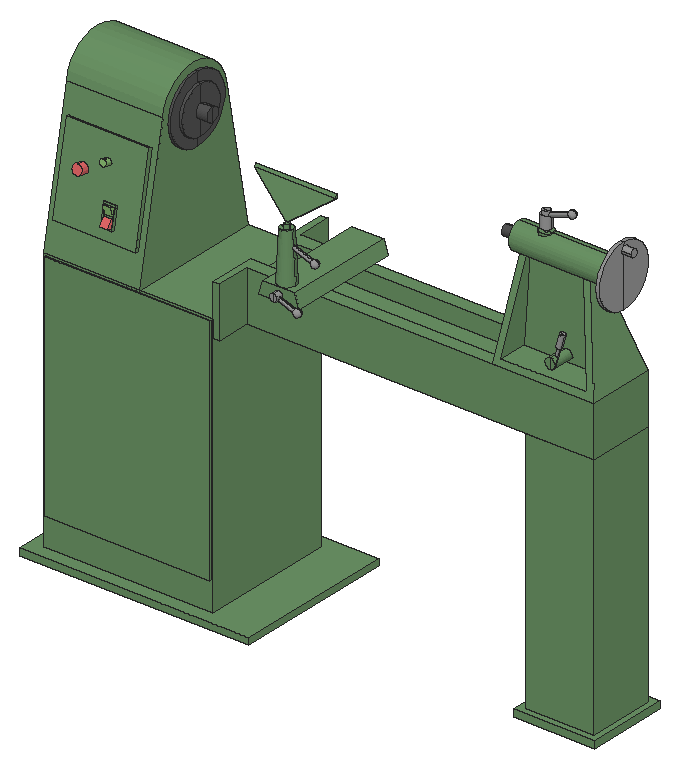
Revit family "Construction_Other_Sjobergs_Wood_Lathe_Machine", category Specialty Equipment, Revit 2017
Family settings
  Round Connector Dimension = Use Diameter
  Part Type = Normal
  OmniClass Number = 23.45.30.14.11
  OmniClass Title = Commercial Dishwashers
  Work Plane-Based = No
  Always vertical = Yes
  Cut with Voids When Loaded = No
  Shared = No
  Room Calculation Point = No
Parameters (values of type "37010 EJCA Wood Lathe TSL 30")
  Weight = "350.0 kg"
  WarrantyStartDate [instance] = "n/a"
  WarrantyGuarantorParts = "n/a"
  WarrantyGuarantorLabor = "n/a"
  WarrantyDurationUnit = "Year"
  WarrantyDurationParts = "n/a"
  WarrantyDurationLabor = "n/a"
  WarrantyDescription = "n/a"
  VersionDate = "01/07/2020"  # constant formula
  Version = "1"  # constant formula
  UsageCurrent = 0 A
  Uniclass2015Reference = "Pr_40_50_21_76"
  Uniclass2015Description = "Desks, Tables And Worktops"
  Uniclass2 = "Pr_40_50_21"
  URL = "https://www.sjobergs.se/sortiment/maskiner/index.php?id=1321&cat=47&lang=se&artnr=37040"
  Type Comments = ""
  TagNumber [instance] = "n/a"
  SustainabilityPerformance = "n/a"
  Style = "n/a"
  Size = "1630x480x1320 mm"
  ShowClearance [instance] = yes
  Shape = "Sculptured"
  SerialNumber [instance] = "n/a"
  Revision = "n/a"
  ReplacementCost = "n/a"
  ProductInformation = "Wood lathe with stepless electronic speed control. A modern machine where technology and know-how have been combined into the market's most distinguished machine in its class."
  ProductDatasheet = "https://www.sjobergs.se/dbhires/Produktblad_EJCA_cirkelsag.pdf"
  PhaseReference = "n/a"
  PhaseAngle = 0.00°
  NumberOfPoles = 0
  NominalWidth = 1630 mm
  NominalVoltage = 230 V
  NominalHeight = 1320 mm
  NominalFrequencyRange = 0 Hz
  NominalDepth = 480 mm
  NominalCurrent = 0 A
  Name = "Sjobergs_Wood_Lathe_Machine"  # constant formula
  NBSReference = "45-35-20/320"
  NBSDescription = "School art, design and technology tables and workbenches;"
  ModelReference = "37010"
  ModelNumber = "n/a"
  SpindleSpeed = "80 - 2300 rpm"
  SpindleThread = "UNC1½ ”x6 mm"
  Material = "Metal, plastic"
  ManufacturerURL = "https://www.sjobergs.se/en/"
  ManufacturerName = "Sjöbergs"
  Model = "37010 EJCA Wood Lathe TSL 30"
  Manufacturer = ManufacturerName  # "Sjöbergs"
  MachineryTertiaryMaterial = Stainless Steel
  MachinerySecondaryMaterial = Black Metal
  MachineryQuaternaryMaterial = Clearance
  MachineryMainMaterial = Green metal
  InsulationStandardClass = "n/a"
  InstallationDate [instance] = "n/a"
  IfcExportType = "TABLE"  # constant formula
  IfcExportAs = "IfcFurnishingElementType"  # constant formula
  IP_Code = "IP 66"
  HasProtectiveEarth = yes
  Grade = "n/a"
  Finish = "Cast iron"
  Features = "The lathe spindle is drilled and mounted in conical precision roller bearings. The spindle speed is regulated steplessly with a knob on the control panel. CE-standard."
  ExpectedLife = "n/a"
  ElectricalDeviceNominalPower = 1500 W
  DurationUnit = "Year"
  Description = ""
  WoodLatheSizes = "Stud height 300 mm. Distance between drive and roller stud 270 mm. The total length of the lathe is about 950 mm. The total width of the lathe is about 400 mm. Height about 1200 m on all models."
  Cost = 0
  ConvergoRefNr = "0184-2005-0025-SE"  # constant formula
  Constituents = "Protective Cover CHO 40 - Equipped with sight glass, built-in work lighting, connection socket for chip extraction and a roller in the front edge of the hood. Adjustament table (length 850-1250mm)."
  Color = "Green"
  CodePerformance = "n/a"
  Barcode [instance] = "n/a"
  AssetIdentifier [instance] = "n/a"
  Category = "Machines"
  Brand = "EJCA"
  BIMObjectName = "Construction_Other_Sjobergs_Wood_Lathe_Machine"  # constant formula
  Author = "Convergo AB"  # constant formula
  AssetType = "Movable"
  AccessibilityPerformance = "n/a"
Reference planes
  plane 1 "Center (Front/Back)": y = 0
  plane 2: z = 0
  plane 3 "Center (Left/Right)": x = 0
  plane 4: x = -815
  plane 5: x = 815
  plane 6: y = 240
  plane 7: y = -240
  plane 8: z = 1320
Forms (mm)
  Extrusion 1, solid, material "Clearance" <- "MachineryQuaternaryMaterial", visible <- "ShowClearance", detail levels coarse+medium
    sketch origin (0, 0, 0) x (1, 0, 0) y (0, 1, 0)
      loop
        line (815, 240) -> (-815, 240) -> (-815, -240) -> (815, -240) -> (815, 240)
      loop
        line (-1215, 540) -> (-1215, -1040) -> (1215, -1040) -> (1215, 540) -> (-1215, 540)
    from 1320 to 0
Dimensions and locks
  equal spacing: plane 4, plane 3 "Center (Left/Right)", plane 5
  "NominalWidth": plane 4 to plane 5
  equal spacing: plane 6, plane 1 "Center (Front/Back)", plane 7
  "NominalDepth": plane 6 to plane 7
  "NominalHeight": plane 8 to level
  aligned and locked: level to plane 2
Automatic sketch dimensions
  Extrusion 1 sketch curve to plane 4 = 0 mm
  Extrusion 1 sketch curve to plane 5 = 0 mm
  Extrusion 1 sketch curve to plane 7 = 0 mm
  plane 6 to Extrusion 1 sketch curve = 0 mm
  Extrusion 1 sketch curve to plane 4 = 400 mm
  Extrusion 1 sketch curve to plane 5 = 400 mm
  Extrusion 1 sketch curve to plane 7 = 800 mm
  plane 6 to Extrusion 1 sketch curve = 300 mm
Nested families
  nested 1: "37010_Wood-Lathe" at (0, 0, 0), Main <- "MachineryMainMaterial", Secondary <- "MachinerySecondaryMaterial", Tertiary <- "MachineryTertiaryMaterial", type "37010_Wood-Lathe"
    with Tertiary Stainless Steel, Secondary Black Metal, Main Green metal
Connectors
  electrical at (-632.5, -187.503, 890.492), driven by "NominalVoltage"
    settings: on nested 1, index 1, voltage 230 V, apparent load 0 VA, apparent load phase1 0 VA, apparent load phase2 0 VA, apparent load phase3 0 VA, power factor 1, load classification "Other", number of poles 1, system type 31, power factor state 1, is connector primary yes, connector utility no, sub classification motor no, connector description ""
Definition of nested family "37010_Wood-Lathe"
  Parameters (values of type "37010_Wood-Lathe")
    Tertiary [instance] = none
    Secondary [instance] = none
    Main [instance] = none
  Reference planes
    plane 1 "Center (Front/Back)": y = 0
    plane 2: z = 0
    plane 3 "Center (Left/Right)": x = 0
    plane 4: x = -775
    plane 5: y = 200
    plane 6: y = -200
    plane 7: x = 775
    plane 8: z = 900
    plane 9: z = 1200
    plane 10: y = 240
    plane 11: x = 815
    plane 12: x = -815
    plane 13: y = -240
    plane 14: z = 1320
  Forms (mm)
    Extrusion 1, solid, material <- "Main", detail levels medium+fine
      sketch origin (585, 0, 0) x (1, 0, 0) y (0, 1, 0)
        loop
          line (-1360, 200) -> (-1360, -200) -> (-860, -200) -> (-860, 200) -> (-1360, 200)
      from 20 to 800
    Extrusion 2, solid, material <- "Main", detail levels medium+fine
      sketch origin (0, 0, 0) x (1, 0, 0) y (0, 1, 0)
        loop
          line (-275, 200) -> (-275, -200) -> (-255, -200) -> (-255, -100) -> (775, -100) -> (775, 100) -> (-255, 100) -> (-255, 200) -> (-275, 200)
      from 750 to 900
    Extrusion 3, solid, material <- "Main", detail levels medium+fine
      sketch origin (585, 0, 0) x (1, 0, 0) y (0, 1, 0)
        loop
          line (-1400, 240) -> (-1400, -240) -> (-720, -240) -> (-720, 240) -> (-1400, 240)
      from 0 to 20
    Extrusion 4, void
      sketch origin (0, 0, 0) x (0, 1, 0) y (0, 0, 1)
        loop
          line (60, 900) -> (-60, 900) -> (-60, 850) -> (60, 850) -> (60, 900)
      from -275 to 575
    Extrusion 5, solid, material <- "Main", detail levels medium+fine
      sketch origin (-105, 0, 0) x (1, 0, 0) y (0, 1, 0)
        loop
          line (880, 100) -> (680, 100) -> (680, -100) -> (880, -100) -> (880, 100)
      from 0 to 750
    Extrusion 6, solid, material <- "Main", detail levels medium+fine
      sketch origin (-105, 0, 0) x (1, 0, 0) y (0, 0, 1)
        loop
          line (580, 900) -> (880, 900) -> (800, 1200) -> (779.301, 1200) -> (853.968, 920) -> (601.378, 920) -> (620.044, 1200) -> (600, 1200) -> (580, 900)
      from -150 to 150
    Extrusion 7, void
      sketch origin (0, 0, -400) x (0, 1, 0) y (0, 0, 1)
        loop
          line (150, 1133.333) -> (150, 1600) -> (10, 1600) -> (150, 1133.333)
        loop
          line (-150, 1600) -> (-150, 1133.333) -> (-10, 1600) -> (-150, 1600)
      from 0 to 880
    Revolve 8, solid, material <- "Tertiary", detail levels medium+fine
      sketch origin (-125, 0, -300) x (1, 0, 0) y (0, 0, 1)
        loop
          line (880, 1515) -> (880, 1500) -> (910, 1500) -> (910, 1590) -> (900, 1590) -> (900, 1515) -> (880, 1515)
        axis (910, 1500) -> (880, 1500)
      angle from 0 to 360
    Extrusion 9, solid, material <- "Tertiary", detail levels medium+fine
      sketch origin (-125, 0, -300) x (0, 1, 0) y (0, 0, 1)
        loop
          circle (0, 1570) r 10
      from 910 to 940
    Extrusion 10, solid, material <- "Main", detail levels medium+fine
      sketch origin (275, 0, -300) x (1, 0, 0) y (0, 0, 1)
        loop
          line (-430.642, 1200) -> (-309.358, 1200) -> (-323.917, 1240) -> (-416.083, 1240) -> (-430.642, 1200)
      from -150 to 180
    Revolve 11, solid, material <- "Main", detail levels medium+fine
      sketch origin (275, -150, -300) x (1, 0, 0) y (0, 0, 1)
        loop
          line (-370, 1240) -> (-370, 1395) -> (-377.5, 1395) -> (-377.5, 1385) -> (-388.107, 1385) -> (-395.357, 1240) -> (-370, 1240)
        axis (-370, 1395) -> (-370, 1240)
      angle from 0 to 360
    Extrusion 12, solid, material <- "Main", detail levels medium+fine
      sketch origin (0, 0, 0) x (0, 1, 0) y (0, 0, 1)
        loop
          line (200, 800) -> (117.795, 1222.898)
          arc (117.795, 1222.898) -> (0, 1320) -> (-117.795, 1222.898) r 120
          line (-117.795, 1222.898) -> (-200, 800) -> (200, 800)
      from -775 to -490
    Revolve 13, solid, material <- "Secondary", detail levels medium+fine
      sketch origin (585, 0, 100) x (1, 0, 0) y (0, 0, 1)
        loop
          line (-1075, 1200) -> (-1075, 1100) -> (-1020, 1100) -> (-1020, 1120) -> (-1055, 1120) -> (-1055, 1170) -> (-1065, 1170) -> (-1065, 1200) -> (-1075, 1200)
        loop
          line (-1360, 1200) -> (-1370, 1200) -> (-1370, 1100) -> (-1360, 1100) -> (-1360, 1200)
        axis (-1020, 1100) -> (-1370, 1100)
      angle from 0 to 360
    Revolve 14, solid, material <- "Main", detail levels medium+fine
      sketch origin (-105, 0, -300) x (1, 0, 0) y (0, 0, 1)
        loop
          line (580, 1500) -> (860, 1500) -> (860, 1540) -> (580, 1540) -> (580, 1500)
        axis (860, 1500) -> (580, 1500)
      angle from 0 to 360
    Extrusion 15, solid, material <- "Main", detail levels medium+fine
      sketch origin (275, 0, -435.547) x (0, 1, 0) y (0, 0, 1)
        loop
          line (-116.342, 1624.187) -> (-114.646, 1635.547) -> (-120.135, 1625.457) -> (-149.75, 1537.043) -> (-145.957, 1535.773) -> (-116.342, 1624.187)
      from -490 to -250
    Extrusion 16, void
      sketch origin (275, -154.741, 1096.041) x (0, 0.317614, 0.94822) y (-1, 0, 0)
        loop
          line (6.758, 490) -> (6.758, 373) -> (100, 490) -> (6.758, 490)
        loop
          line (6.758, 250) -> (100, 250) -> (6.758, 367) -> (6.758, 250)
      from 0 to -10
    Revolve 17, solid, material <- "Main", detail levels medium+fine
      sketch origin (-95, 0, -435.547) x (0, 1, 0) y (0, 0, 1)
        loop
          line (-151.03, 1526.926) -> (-147.854, 1536.408) -> (-152.595, 1537.996) -> (-155.771, 1528.514) -> (-151.03, 1526.926)
        axis (-151.03, 1526.926) -> (-147.854, 1536.408)
      angle from 0 to 360
    Extrusion 18, solid, material <- "Main", detail levels medium+fine
      sketch origin (585, -205.493, 771.743) x (0, 0.190813, 0.981626) y (-1, 0, 0)
        loop
          line (120, 1095) -> (380, 1095) -> (380, 1340) -> (120, 1340) -> (120, 1095)
      from 0 to 10
    Extrusion 19, solid, detail levels medium+fine
      sketch origin (557.114, -210.335, 746.832) x (0, 0.190813, 0.981626) y (-1, 0, 0)
        loop
          circle (335.729, 1180) r 10
      from 0 to 25
    Extrusion 20, solid, detail levels medium+fine
      sketch origin (585, -205.493, 771.743) x (0, 0.190813, 0.981626) y (-1, 0, 0)
        loop
          circle (272.201, 1275.261) r 15
      from 0 to 30
    Extrusion 21, solid, material <- "Main", detail levels medium+fine
      sketch origin (485, -194.998, 825.732) x (0, 0.190813, 0.981626) y (-1, 0, 0)
        loop
          line (130, 1070) -> (155, 1070) -> (155, 1095) -> (130, 1095) -> (130, 1070)
        loop
          line (160, 1100) -> (95, 1100) -> (95, 1065) -> (160, 1065) -> (160, 1100)
        loop
          line (125, 1095) -> (100, 1095) -> (100, 1070) -> (125, 1070) -> (125, 1095)
      from 0 to 15
    Extrusion 22, solid, detail levels medium+fine
      sketch origin (485, 356.593, -218.113) x (0, 0.982733, 0.185028) y (0, -0.185028, 0.982733)
        loop
          line (-302.782, 1244.053) -> (-316.723, 1249.59) -> (-335.245, 1230.047) -> (-312.011, 1220.818) -> (-302.782, 1244.053)
      from -1095 to -1070
    Extrusion 23, solid, detail levels medium+fine
      sketch origin (485, 356.593, -218.113) x (0, 0.982733, 0.185028) y (0, -0.185028, 0.982733)
        loop
          line (-291.708, 1271.934) -> (-314.942, 1281.162) -> (-314.877, 1254.237) -> (-300.936, 1248.699) -> (-291.708, 1271.934)
      from -1095 to -1070
    Extrusion 24, solid, material <- "Main", detail levels medium+fine
      sketch origin (585, 0, 0) x (1, 0, 0) y (0, 0, 1)
        loop
          line (-1355, 105) -> (-865, 105) -> (-865, 795) -> (-1355, 795) -> (-1355, 105)
      from 200 to 205
    Revolve 25, solid, material <- "Tertiary", detail levels medium+fine
      sketch origin (-105, 0, -400) x (1, 0, 0) y (0, 0, 1)
        loop
          line (645, 1650) -> (655, 1650) -> (655, 1635) -> (660, 1635) -> (660, 1695) -> (650, 1695) -> (650, 1685) -> (645, 1685) -> (645, 1650)
        axis (660, 1635) -> (660, 1695)
      angle from 0 to 360
    Revolve 26, solid, material <- "Tertiary", detail levels medium+fine
      sketch origin (-105, 0, -400) x (1, 0, 0) y (0, 0, 1)
        loop
          line (661.93, 1682.063) -> (746.84, 1712.967)
          arc (746.84, 1712.967) -> (736.521, 1719.533) -> (727.518, 1711.256) r 10.038
          line (727.518, 1711.256) -> (660.22, 1686.761) -> (661.93, 1682.063)
        axis (746.84, 1712.967) -> (661.93, 1682.063)
      angle from 0 to 360
    Revolve 27, solid, material <- "Main", detail levels medium+fine
      sketch origin (-105, 0, -400) x (1, 0, 0) y (0, 0, 1)
        loop
          line (660, 1640) -> (640, 1640) -> (640, 1630) -> (660, 1630) -> (660, 1640)
        axis (660, 1630) -> (660, 1640)
      angle from 0 to 360
    Extrusion 28, solid, material <- "Main", detail levels medium+fine
      sketch origin (-105, 0, 0) x (1, 0, 0) y (0, 1, 0)
        loop
          line (900, -120) -> (900, 120) -> (660, 120) -> (660, -120) -> (900, -120)
      from 0 to 20
    Revolve 29, solid, material <- "Secondary", detail levels medium+fine
      sketch origin (-105, 0, -300) x (1, 0, 0) y (0, 0, 1)
        loop
          line (540, 1515) -> (540, 1500) -> (580, 1500) -> (580, 1515) -> (540, 1515)
        axis (580, 1500) -> (540, 1500)
      angle from 0 to 360
    Extrusion 30, solid, material <- "Main", detail levels medium+fine
      sketch origin (-105, 0, -400) x (1, 0, 0) y (0, 0, 1)
        loop
          line (779.301, 1600) -> (620.044, 1600) -> (601.378, 1320) -> (853.968, 1320) -> (779.301, 1600)
      from -10 to 10
    Revolve 31, solid, material <- "Main", detail levels medium+fine
      sketch origin (622.673, -1524, 920) x (0, 0, -1) y (0, -1, 0)
        loop
          line (-35, -1524) -> (-20, -1524) -> (-20, -1454) -> (-35, -1454) -> (-35, -1524)
        axis (-20, -1454) -> (-20, -1524)
      angle from 0 to 360
    Revolve 32, solid, material <- "Tertiary", detail levels medium+fine
      sketch origin (379.383, -50, 32.03) x (0.965926, 0, -0.258819) y (0.258819, 0, 0.965926)
        loop
          line (0, 915) -> (0, 1020) -> (-7, 1020) -> (-7, 980) -> (-4, 980) -> (-4, 915) -> (0, 915)
        axis (0, 915) -> (0, 1020)
      angle from 0 to 360
    Revolve 33, solid, material <- "Tertiary", detail levels medium+fine
      sketch origin (-95, -1524, 940) x (0, 0, -1) y (0, -1, 0)
        loop
          line (20, -1344) -> (20, -1324) -> (10, -1324) -> (10, -1344) -> (20, -1344)
        axis (20, -1324) -> (20, -1344)
      angle from 0 to 360
    Revolve 34, solid, material <- "Tertiary", detail levels medium+fine
      sketch origin (0, -190, 0) x (1, 0, 0) y (0, 0, 1)
        loop
          line (-95, 920) -> (-22.174, 893.493)
          arc (-22.174, 893.493) -> (-25.835, 905.105) -> (-37.999, 904.574) r 10
          line (-37.999, 904.574) -> (-93.29, 924.698) -> (-95, 920)
        axis (-22.174, 893.493) -> (-95, 920)
      angle from 0 to 360
    Revolve 35, solid, material <- "Tertiary", detail levels medium+fine
      sketch origin (20, -150, 120) x (1, 0, 0) y (0, 0, 1)
        loop
          line (-101.758, 922.46) -> (-22.174, 893.493)
          arc (-22.174, 893.493) -> (-25.835, 905.105) -> (-37.999, 904.574) r 10
          line (-37.999, 904.574) -> (-100.048, 927.158) -> (-101.758, 922.46)
        axis (-22.174, 893.493) -> (-101.758, 922.46)
      angle from 0 to 360
    Extrusion 36, solid, material <- "Main", detail levels coarse
      sketch origin (0, 0, 0) x (1, 0, 0) y (0, 1, 0)
        loop
          line (-815, -240) -> (815, -240) -> (815, 240) -> (-815, 240) -> (-815, -240)
      from 0 to 1320
  Cuts and joins
    Extrusion 4 cuts Extrusion 2
    joined: Revolve 8, Extrusion 9
    Extrusion 16 cuts Extrusion 15
    joined: Extrusion 15, Revolve 17
    Extrusion 7 cuts Extrusion 6
    joined: Extrusion 6, Revolve 14, Revolve 27, Extrusion 30
    joined: Revolve 25, Revolve 26
  Lines and regions (mm)
    symbolic lines, detail levels medium+fine
      curve 1: line (-815, 0, 0) -> (-815, 0, 20)
      curve 2: line (-815, 0, 20) -> (-775, 0, 20)
      curve 3: line (-775, 0, 20) -> (-775, 0, 1100)
      curve 4: line (-775, 0, 1100) -> (-785, 0, 1100)
      curve 5: line (-785, 0, 1100) -> (-785, 0, 1300)
      curve 6: line (-785, 0, 1300) -> (-775, 0, 1300)
      curve 7: line (-775, 0, 1300) -> (-775, 0, 1320)
      curve 8: line (-775, 0, 1320) -> (-490, 0, 1320)
      curve 9: line (-490, 0, 1320) -> (-490, 0, 1300)
      curve 10: line (-490, 0, 1300) -> (-480, 0, 1300)
      curve 11: line (-480, 0, 1300) -> (-480, 0, 1270)
      curve 12: line (-480, 0, 1270) -> (-470, 0, 1270)
      curve 13: line (-470, 0, 1270) -> (-470, 0, 1220)
      curve 14: line (-470, 0, 1220) -> (-435, 0, 1220)
      curve 15: line (-435, 0, 1220) -> (-435, 0, 1180)
      curve 16: line (-435, 0, 1180) -> (-470, 0, 1180)
      curve 17: line (-470, 0, 1180) -> (-470, 0, 1130)
      curve 18: line (-470, 0, 1130) -> (-480, 0, 1130)
      curve 19: line (-480, 0, 1130) -> (-480, 0, 1100)
      curve 20: line (-480, 0, 1100) -> (-490, 0, 1100)
      curve 21: line (-490, 0, 1100) -> (-490, 0, 800)
      curve 22: line (-490, 0, 800) -> (-275, 0, 800)
      curve 23: line (-275, 0, 800) -> (-275, 0, 900)
      curve 24: line (-275, 0, 900) -> (-155.642, 0, 900)
      curve 25: line (-155.642, 0, 900) -> (-141.083, 0, 940)
      curve 26: line (-141.083, 0, 940) -> (-120.357, 0, 940)
      curve 27: line (-120.357, 0, 940) -> (-113.107, 0, 1085)
      curve 28: line (-113.107, 0, 1085) -> (-102.5, 0, 1085)
      curve 29: line (-102.5, 0, 1085) -> (-102.5, 0, 1095)
      curve 30: line (-102.5, 0, 1095) -> (-98, 0, 1095)
      curve 31: line (-98, 0, 1095) -> (-98, 0, 1100.226)
      curve 32: line (-98, 0, 1100.226) -> (-215, 0, 1188.64)
      curve 33: line (-215, 0, 1188.64) -> (-215, 0, 1200)
      curve 34: line (-215, 0, 1200) -> (25, 0, 1200)
      curve 35: line (25, 0, 1200) -> (25, 0, 1188.64)
      curve 36: line (-92, 0, 1095) -> (-92, 0, 1100.226)
      curve 37: line (-92, 0, 1100.226) -> (25, 0, 1188.64)
      curve 38: line (-92, 0, 1095) -> (-87.5, 0, 1095)
      curve 39: line (-87.5, 0, 1095) -> (-87.5, 0, 1085)
      curve 40: line (-87.5, 0, 1085) -> (-76.893, 0, 1085)
      curve 41: line (-76.893, 0, 1085) -> (-74.907, 0, 1045.287)
      curve 42: line (-74.907, 0, 1045.287) -> (-17.999, 0, 1024.574)
      curve 43: line (-74.365, 0, 1034.448) -> (-21.419, 0, 1015.177)
      curve 44: arc (-17.999, 0, 1024.574) -> (-2.174, 0, 1013.493) -> (-21.419, 0, 1015.177) r 10
      curve 45: line (-74.365, 0, 1034.448) -> (-69.643, 0, 940)
      curve 46: line (-48.917, 0, 940) -> (-36.418, 0, 905.66)
      curve 52: line (-22.059, 0, 900) -> (475, 0, 900)
      curve 53: arc (-22.059, 0, 900) -> (-27.904, 0, 906.217) -> (-36.418, 0, 905.66) r 10
      curve 54: line (475, 0, 900) -> (492.333, 0, 1160)
      curve 55: line (475, 0, 1160) -> (475, 0, 1185)
      curve 56: line (475, 0, 1185) -> (435, 0, 1185)
      curve 57: line (435, 0, 1185) -> (435, 0, 1215)
      curve 58: line (435, 0, 1215) -> (475, 0, 1215)
      curve 59: line (475, 0, 1215) -> (475, 0, 1240)
      curve 60: line (475, 0, 1240) -> (550, 0, 1240)
      curve 61: line (550, 0, 1240) -> (550, 0, 1250)
      curve 62: line (550, 0, 1250) -> (540, 0, 1250)
      curve 63: line (540, 0, 1250) -> (540, 0, 1285)
      curve 64: line (540, 0, 1285) -> (545, 0, 1285)
      curve 65: line (545, 0, 1285) -> (545, 0, 1295)
      curve 66: line (545, 0, 1295) -> (565, 0, 1295)
      curve 67: line (475, 0, 1160) -> (492.333, 0, 1160)
      curve 69: line (565, 0, 1290.321) -> (622.518, 0, 1311.256)
      curve 70: line (625.938, 0, 1301.859) -> (570, 0, 1281.499)
      curve 71: line (570, 0, 1250) -> (570, 0, 1281.499)
      curve 72: line (560, 0, 1250) -> (570, 0, 1250)
      curve 73: line (560, 0, 1250) -> (560, 0, 1240)
      curve 74: line (560, 0, 1240) -> (755, 0, 1240)
      curve 75: line (755, 0, 1240) -> (755, 0, 1215)
      curve 76: line (755, 0, 1215) -> (775, 0, 1215)
      curve 77: line (775, 0, 1215) -> (775, 0, 1290)
      curve 78: line (775, 0, 1290) -> (785, 0, 1290)
      curve 79: line (785, 0, 1290) -> (785, 0, 1280)
      curve 80: line (785, 0, 1280) -> (815, 0, 1280)
      curve 81: line (815, 0, 1280) -> (815, 0, 1260)
      curve 82: line (815, 0, 1260) -> (785, 0, 1260)
      curve 83: line (785, 0, 1260) -> (785, 0, 1110)
      curve 84: line (785, 0, 1110) -> (775, 0, 1110)
      curve 85: line (775, 0, 1110) -> (775, 0, 1185)
      curve 86: line (775, 0, 1185) -> (755, 0, 1185)
      curve 87: line (755, 0, 1185) -> (755, 0, 1160)
      curve 88: line (755, 0, 1160) -> (705.667, 0, 1160)
      curve 89: line (775, 0, 900) -> (705.667, 0, 1160)
      curve 94: line (775, 0, 900) -> (775, 0, 20)
      curve 95: line (775, 0, 20) -> (795, 0, 20)
      curve 96: line (795, 0, 20) -> (795, 0, 0)
      curve 97: line (795, 0, 0) -> (555, 0, 0)
      curve 98: line (555, 0, 0) -> (555, 0, 20)
      curve 99: line (555, 0, 20) -> (575, 0, 20)
      curve 100: line (575, 0, 20) -> (575, 0, 750)
      curve 101: line (575, 0, 750) -> (-275, 0, 750)
      curve 102: line (-275, 0, 750) -> (-275, 0, 20)
      curve 103: line (-275, 0, 20) -> (-135, 0, 20)
      curve 104: line (-135, 0, 20) -> (-135, 0, 0)
      curve 105: line (-135, 0, 0) -> (-815, 0, 0)
      curve 166: line (-69.643, 0, 940) -> (-48.917, 0, 940)
      curve 168: line (565, 0, 1295) -> (565, 0, 1290.321)
      curve 170: line (0, 240, 20) -> (0, 240, 0)
      curve 171: line (0, 240, 0) -> (0, -240, 0)
      curve 172: line (0, -240, 0) -> (0, -240, 20)
      curve 173: arc (0, 117.795, 1222.898) -> (0, 0, 1320) -> (0, -117.795, 1222.898) r 120
      curve 174: line (0, 117.795, 1222.898) -> (0, 180.562, 900)
      curve 175: line (0, 200, 900) -> (0, 180.562, 900)
      curve 176: line (0, 200, 900) -> (0, 200, 20)
      curve 177: line (0, 200, 20) -> (0, 240, 20)
      curve 178: line (0, -240, 20) -> (0, -200, 20)
      curve 179: line (0, -200, 20) -> (0, -200, 105)
      curve 180: line (0, -200, 105) -> (0, -205, 105)
      curve 181: line (0, -205, 105) -> (0, -205, 795)
      curve 182: line (0, -205, 795) -> (0, -200, 795)
      curve 183: line (0, -200, 795) -> (0, -200, 900)
      curve 184: line (0, -200, 900) -> (0, -190.749, 900)
      curve 186: line (0, -142.8, 1146.669) -> (0, -132.984, 1144.761)
      curve 187: line (0, -142.8, 1146.669) -> (0, -154.182, 1088.117)
      curve 189: line (0, -179.192, 985.655) -> (0, -174.284, 984.701)
      curve 190: line (0, -191.595, 921.849) -> (0, -186.687, 920.895)
      curve 191: line (0, -180.146, 980.746) -> (0, -189.963, 982.655)
      curve 192: line (0, -189.963, 982.655) -> (0, -184.917, 956.206)
      curve 193: line (0, -185.871, 951.298) -> (0, -200.457, 928.665)
      curve 194: line (0, -200.457, 928.665) -> (0, -190.641, 926.757)
      curve 195: line (0, -184.917, 956.206) -> (0, -185.871, 951.298)
      curve 196: line (0, -179.192, 985.655) -> (0, -180.146, 980.746)
      curve 197: line (0, -191.595, 921.849) -> (0, -190.641, 926.757)
      curve 199: line (0, -168.906, 1090.979) -> (0, -154.182, 1088.117)
      curve 200: line (0, -168.906, 1090.979) -> (0, -172.722, 1071.346)
      curve 201: line (0, -172.722, 1071.346) -> (0, -157.998, 1068.484)
      curve 202: line (0, -180.14, 1059.391) -> (0, -160.507, 1055.575)
      curve 203: line (0, -180.14, 1059.391) -> (0, -185.864, 1029.942)
      curve 204: line (0, -185.864, 1029.942) -> (0, -166.232, 1026.126)
      curve 205: line (0, -157.998, 1068.484) -> (0, -160.507, 1055.575)
      curve 208: line (0, -166.232, 1026.126) -> (0, -174.284, 984.701)
      curve 210: line (0, -186.687, 920.895) -> (0, -190.749, 900)
      curve 212: line (0, -132.984, 1144.761) -> (0, -117.795, 1222.898)
      curve 219: arc (625.938, 0, 1301.859) -> (641.84, 0, 1312.967) -> (622.518, 0, 1311.256) r 10.038
      curve 225: line (-815, -240, 0) -> (-815, 240, 0)
      curve 226: line (-815, 240, 0) -> (-135, 240, 0)
      curve 227: line (-135, 240, 0) -> (-135, 150, 0)
      curve 228: line (-135, 150, 0) -> (-34.358, 150, 0)
      curve 229: line (-34.358, 150, 0) -> (-34.358, 100, 0)
      curve 230: line (-34.358, 100, 0) -> (555, 100, 0)
      curve 231: line (555, 120, 0) -> (555, 100, 0)
      curve 232: line (555, 120, 0) -> (795, 120, 0)
      curve 233: line (795, 120, 0) -> (795, 10, 0)
      curve 234: line (795, -120, 0) -> (555, -120, 0)
      curve 235: line (555, -120, 0) -> (555, -100, 0)
      curve 236: line (555, -100, 0) -> (-34.358, -100, 0)
      curve 237: line (-34.358, -100, 0) -> (-34.358, -114.646, 0)
      curve 238: line (-34.358, -114.646, 0) -> (25, -114.646, 0)
      curve 239: line (25, -114.646, 0) -> (25, -120.135, 0)
      curve 240: line (25, -120.135, 0) -> (-34.358, -135.16, 0)
      curve 251: arc (-19.709, -145, 0) -> (-1.048, -150, 0) -> (-19.709, -155, 0) r 10
      curve 254: line (-34.358, -180, 0) -> (-34.358, -155, 0)
      curve 255: line (-34.358, -180, 0) -> (-85, -180, 0)
      curve 256: line (-105, -200, 0) -> (-85, -200, 0)
      curve 257: line (-85, -200, 0) -> (-85, -195, 0)
      curve 258: line (-105, -200, 0) -> (-105, -180, 0)
      curve 259: line (-85, -185, 0) -> (-39.709, -185, 0)
      curve 260: line (-85, -195, 0) -> (-39.709, -195, 0)
      curve 261: arc (-39.709, -185, 0) -> (-21.048, -190, 0) -> (-39.709, -195, 0) r 10
      curve 264: line (-85, -185, 0) -> (-85, -180, 0)
      curve 271: line (-135, -180, 0) -> (-135, -240, 0)
      curve 272: line (-135, -240, 0) -> (-815, -240, 0)
      curve 328: line (795, 10, 0) -> (815, 10, 0)
      curve 329: line (815, 10, 0) -> (815, -10, 0)
      curve 330: line (815, -10, 0) -> (795, -10, 0)
      curve 340: line (795, -10, 0) -> (795, -120, 0)
      curve 351: line (-105, -180, 0) -> (-135, -180, 0)
      curve 352: line (-34.358, -145, 0) -> (-34.358, -135.16, 0)
      curve 354: line (-34.358, -145, 0) -> (-19.709, -145, 0)
      curve 355: line (-34.358, -155, 0) -> (-19.709, -155, 0)
    symbolic lines, detail levels fine
      curve 47: circle (-95, 0, 920) r 10 normal (0, 1, 0)
      curve 48: line (-37.999, 0, 904.574) -> (-85.152, 0, 921.736)
      curve 49: arc (-41.419, 0, 895.177) -> (-29.153, 0, 887.21) -> (-22.059, 0, 900) r 10
      curve 50: line (-41.419, 0, 895.177) -> (-88.572, 0, 912.34)
      curve 51: arc (-36.418, 0, 905.66) -> (-37.235, 0, 905.155) -> (-37.999, 0, 904.574) r 10
      curve 68: line (496.378, 0, 920) -> (512.748, 0, 1165.554)
      curve 90: line (683.487, 0, 1165.554) -> (748.968, 0, 920)
      curve 91: line (748.968, 0, 920) -> (496.378, 0, 920)
      curve 92: line (683.487, 0, 1165.554) -> (704.186, 0, 1165.554)
      curve 93: line (512.462, 0, 1161.27) -> (684.629, 0, 1161.27)
      curve 106: line (-775, 0, 20) -> (-275, 0, 20)
      curve 107: line (-770, 0, 105) -> (-280, 0, 105)
      curve 108: line (-280, 0, 105) -> (-280, 0, 795)
      curve 109: line (-280, 0, 795) -> (-770, 0, 795)
      curve 110: line (-770, 0, 795) -> (-770, 0, 105)
      curve 111: line (-490, 0, 800) -> (-775, 0, 800)
      curve 112: line (-755, 0, 1146.669) -> (-755, 0, 891.446)
      curve 113: line (-755, 0, 891.446) -> (-510, 0, 891.446)
      curve 114: line (-510, 0, 891.446) -> (-510, 0, 1146.669)
      curve 115: line (-510, 0, 1146.669) -> (-755, 0, 1146.669)
      curve 116: spline (-690.261, 0, 1059.391) -> (-694.144, 0, 1058.889) -> (-697.761, 0, 1057.418) -> (-700.868, 0, 1055.078) -> (-703.252, 0, 1052.029) -> (-704.75, 0, 1048.478) -> (-705.261, 0, 1044.667) -> (-704.75, 0, 1040.856) -> (-703.252, 0, 1037.304) -> (-700.868, 0, 1034.255) -> (-697.761, 0, 1031.915) -> (-694.144, 0, 1030.444) -> (-690.261, 0, 1029.942)
      curve 117: spline (-690.261, 0, 1029.942) -> (-686.379, 0, 1030.444) -> (-682.761, 0, 1031.915) -> (-679.655, 0, 1034.255) -> (-677.271, 0, 1037.304) -> (-675.773, 0, 1040.856) -> (-675.261, 0, 1044.667) -> (-675.773, 0, 1048.478) -> (-677.271, 0, 1052.029) -> (-679.655, 0, 1055.078) -> (-682.761, 0, 1057.418) -> (-686.379, 0, 1058.889) -> (-690.261, 0, 1059.391)
      curve 118: spline (-622.886, 0, 1090.979) -> (-625.474, 0, 1090.645) -> (-627.886, 0, 1089.664) -> (-629.957, 0, 1088.104) -> (-631.546, 0, 1086.071) -> (-632.545, 0, 1083.703) -> (-632.886, 0, 1081.163) -> (-632.545, 0, 1078.622) -> (-631.546, 0, 1076.255) -> (-629.957, 0, 1074.222) -> (-627.886, 0, 1072.662) -> (-625.474, 0, 1071.681) -> (-622.886, 0, 1071.346)
      curve 119: spline (-622.886, 0, 1071.346) -> (-620.297, 0, 1071.681) -> (-617.886, 0, 1072.662) -> (-615.815, 0, 1074.222) -> (-614.225, 0, 1076.255) -> (-613.226, 0, 1078.622) -> (-612.886, 0, 1081.163) -> (-613.226, 0, 1083.703) -> (-614.225, 0, 1086.071) -> (-615.815, 0, 1088.104) -> (-617.886, 0, 1089.664) -> (-620.297, 0, 1090.645) -> (-622.886, 0, 1090.979)
      curve 120: line (-580, 0, 985.655) -> (-615, 0, 985.655)
      curve 121: line (-615, 0, 985.655) -> (-615, 0, 921.849)
      curve 122: line (-615, 0, 921.849) -> (-580, 0, 921.849)
      curve 123: line (-580, 0, 921.849) -> (-580, 0, 985.655)
      curve 124: line (-610, 0, 982.655) -> (-610, 0, 956.206)
      curve 125: line (-610, 0, 956.206) -> (-585, 0, 956.206)
      curve 126: line (-585, 0, 956.206) -> (-585, 0, 982.655)
      curve 127: line (-585, 0, 982.655) -> (-610, 0, 982.655)
      curve 128: line (-610, 0, 928.665) -> (-585, 0, 928.665)
      curve 129: line (-585, 0, 928.665) -> (-585, 0, 951.298)
      curve 130: line (-585, 0, 951.298) -> (-610, 0, 951.298)
      curve 131: line (-610, 0, 951.298) -> (-610, 0, 928.665)
      curve 132: line (-155.642, 0, 900) -> (-54.669, 0, 900)
      curve 133: line (-120.357, 0, 940) -> (-69.643, 0, 940)
      curve 134: line (-102.5, 0, 1085) -> (-87.5, 0, 1085)
      curve 135: line (-98, 0, 1095) -> (-92, 0, 1095)
      curve 136: line (-98, 0, 1100.226) -> (-92, 0, 1100.226)
      curve 137: line (475, 0, 1215) -> (475, 0, 1185)
      curve 138: line (550, 0, 1250) -> (560, 0, 1250)
      curve 139: line (545, 0, 1285) -> (563.672, 0, 1285)
      curve 140: line (565, 0, 1290.321) -> (563.672, 0, 1285)
      curve 141: spline (569.215, 0, 1285) -> (569.27, 0, 1284.5) -> (569.329, 0, 1284.022) -> (569.392, 0, 1283.572) -> (569.458, 0, 1283.156) -> (569.526, 0, 1282.778) -> (569.596, 0, 1282.443) -> (569.666, 0, 1282.154) -> (569.736, 0, 1281.915) -> (569.806, 0, 1281.729) -> (569.873, 0, 1281.597) -> (569.938, 0, 1281.522) -> (570, 0, 1281.503)
      curve 142: line (550, 0, 1240) -> (560, 0, 1240)
      curve 143: line (575, 0, 1240) -> (535, 0, 1240)
      curve 144: line (755, 0, 1215) -> (755, 0, 1185)
      curve 145: line (775, 0, 1215) -> (775, 0, 1185)
      curve 146: line (785, 0, 1280) -> (785, 0, 1260)
      curve 147: circle (622.673, 0, 940) r 15 normal (0, 1, 0)
      curve 148: line (626.264, 0, 980.449) -> (636.617, 0, 1019.086)
      curve 149: line (636.617, 0, 1019.086) -> (650.14, 0, 1015.462)
      curve 150: line (650.14, 0, 1015.462) -> (639.787, 0, 976.825)
      curve 151: line (639.787, 0, 976.825) -> (636.889, 0, 977.602)
      curve 152: line (636.889, 0, 977.602) -> (630.278, 0, 952.929)
      curve 153: line (629.162, 0, 979.672) -> (622.551, 0, 955)
      curve 154: line (475, 0, 900) -> (775, 0, 900)
      curve 155: line (-275, 0, 750) -> (-275, 0, 800)
      curve 156: line (-255, 0, 900) -> (-255, 0, 750)
      curve 157: line (575, 0, 20) -> (775, 0, 20)
      curve 158: line (575, 0, 750) -> (775, 0, 750)
      curve 159: line (705.667, 0, 1160) -> (704.186, 0, 1165.554)
      curve 160: line (512.748, 0, 1165.554) -> (492.704, 0, 1165.554)
      curve 161: line (492.704, 0, 1165.554) -> (492.333, 0, 1160)
      curve 162: line (-775, 0, 1300) -> (-775, 0, 1100)
      curve 163: line (-490, 0, 1100) -> (-490, 0, 1300)
      curve 164: line (-480, 0, 1270) -> (-480, 0, 1130)
      curve 165: line (-470, 0, 1180) -> (-470, 0, 1220)
      curve 167: arc (-74.907, 0, 1045.287) -> (-75.504, 0, 1039.824) -> (-74.365, 0, 1034.448) r 17.378
      curve 169: line (563.672, 0, 1285) -> (569.215, 0, 1285)
      curve 185: line (0, -200, 800) -> (0, -182.595, 889.538)
      curve 188: line (0, -192.411, 891.446) -> (0, -182.595, 889.538)
      curve 198: line (0, -190.641, 926.757) -> (0, -185.871, 951.298)
      curve 206: line (0, -154.182, 1088.117) -> (0, -157.998, 1068.484)
      curve 207: line (0, -160.507, 1055.575) -> (0, -166.232, 1026.126)
      curve 209: line (0, -174.284, 984.701) -> (0, -186.687, 920.895)
      curve 211: line (0, -182.595, 889.538) -> (0, -132.984, 1144.761)
      curve 213: line (0, -190.749, 900) -> (0, -192.411, 891.446)
      curve 214: line (0, 180.562, 900) -> (0, 200, 800)
      curve 215: line (0, -200, 105) -> (0, -200, 795)
      curve 216: line (0, 200, 20) -> (0, -200, 20)
      curve 217: line (0, -184.917, 956.206) -> (0, -180.146, 980.746)
      curve 218: circle (0, 0, 1200) r 100 normal (-1, 0, 0)
      curve 220: line (622.518, 0, 1311.256) -> (625.938, 0, 1301.859)
      curve 221: line (-41.419, 0, 895.177) -> (-37.999, 0, 904.574)
      curve 222: line (-21.419, 0, 1015.177) -> (-17.999, 0, 1024.574)
      curve 223: line (626.264, 0, 980.449) -> (629.162, 0, 979.672)
      curve 224: line (629.162, 0, 979.672) -> (636.889, 0, 977.602)
      curve 241: line (-92, -149.75, 0) -> (-98, -149.75, 0)
      curve 242: line (-98, -149.75, 0) -> (-215, -120.135, 0)
      curve 243: line (-215, -120.135, 0) -> (-215, -114.646, 0)
      curve 244: line (-215, -114.646, 0) -> (-34.358, -114.646, 0)
      curve 245: spline (-99.76, -149.305, 0) -> (-99.337, -150.213, 0) -> (-98.723, -151.019, 0) -> (-97.945, -151.685, 0) -> (-97.038, -152.183, 0) -> (-96.042, -152.491, 0) -> (-95, -152.595, 0) -> (-93.958, -152.491, 0) -> (-92.962, -152.183, 0) -> (-92.055, -151.685, 0) -> (-91.277, -151.019, 0) -> (-90.663, -150.213, 0) -> (-90.24, -149.305, 0)
      curve 246: arc (-87.624, -148.642, 0) -> (-95, -157.5, 0) -> (-102.376, -148.642, 0) r 7.5
      curve 247: arc (-112.668, -146.037, 0) -> (-95, -168.107, 0) -> (-77.332, -146.037, 0) r 18.107
      curve 248: arc (-70.141, -155, 0) -> (-100.372, -174.782, 0) -> (-119.698, -144.258, 0) r 25.357
      curve 249: line (-73.234, -145, 0) -> (-34.358, -145, 0)
      curve 250: line (-75.653, -155, 0) -> (-34.358, -155, 0)
      curve 252: arc (-75.653, -155, 0) -> (-74.998, -150.297, 0) -> (-75.509, -145.576, 0) r 19.354
      curve 253: line (-19.709, -145, 0) -> (-19.709, -155, 0)
      curve 262: line (-39.709, -185, 0) -> (-39.709, -195, 0)
      curve 263: line (-85, -195, 0) -> (-85, -185, 0)
      curve 265: line (-85, -180, 0) -> (-105, -180, 0)
      curve 266: line (-135, -180, 0) -> (-155.642, -180, 0)
      curve 267: line (-155.642, -180, 0) -> (-155.642, -135.16, 0)
      curve 268: line (-141.083, -180, 0) -> (-141.083, -138.845, 0)
      curve 269: line (-48.917, -180, 0) -> (-48.917, -155, 0)
      curve 270: line (-48.917, -145, 0) -> (-48.917, -138.845, 0)
      curve 273: line (-48.917, -114.646, 0) -> (-48.917, 150, 0)
      curve 274: line (-141.083, 150, 0) -> (-141.083, -114.646, 0)
      curve 275: line (-155.642, -114.646, 0) -> (-155.642, 150, 0)
      curve 276: line (-155.642, 150, 0) -> (-135, 150, 0)
      curve 277: line (-155.642, -100, 0) -> (-255, -100, 0)
      curve 278: line (-255, -100, 0) -> (-255, -200, 0)
      curve 279: line (-255, -200, 0) -> (-775, -200, 0)
      curve 280: line (-775, -200, 0) -> (-775, -100, 0)
      curve 281: line (-775, -100, 0) -> (-785, -100, 0)
      curve 282: line (-785, 100, 0) -> (-775, 100, 0)
      curve 283: line (-775, 100, 0) -> (-775, 200, 0)
      curve 284: line (-775, 200, 0) -> (-255, 200, 0)
      curve 285: line (-255, 200, 0) -> (-255, 100, 0)
      curve 286: line (-255, 100, 0) -> (-155.642, 100, 0)
      curve 287: line (-770, -205, 0) -> (-770, -200, 0)
      curve 288: line (-770, -205, 0) -> (-280, -205, 0)
      curve 289: line (-280, -205, 0) -> (-280, -200, 0)
      curve 290: line (-490, 200, 0) -> (-490, -200, 0)
      curve 291: line (-480, 100, 0) -> (-490, 100, 0)
      curve 292: line (-480, 100, 0) -> (-480, -100, 0)
      curve 293: line (-480, -100, 0) -> (-490, -100, 0)
      curve 294: line (-470, -70, 0) -> (-480, -70, 0)
      curve 295: line (-470, -70, 0) -> (-470, 70, 0)
      curve 296: line (-470, 70, 0) -> (-480, 70, 0)
      curve 297: line (-435, -20, 0) -> (-470, -20, 0)
      curve 298: line (-435, -20, 0) -> (-435, 20, 0)
      curve 299: line (-435, 20, 0) -> (-470, 20, 0)
      curve 300: line (-775, 100, 0) -> (-775, -100, 0)
      curve 301: line (-785, 100, 0) -> (-785, -100, 0)
      curve 302: line (-275, 200, 0) -> (-275, -200, 0)
      curve 303: line (-275, -60, 0) -> (-155.642, -60, 0)
      curve 304: line (-34.358, -60, 0) -> (475, -60, 0)
      curve 305: line (-275, 60, 0) -> (-155.642, 60, 0)
      curve 306: line (-34.358, 60, 0) -> (475, 60, 0)
      curve 307: line (-34.358, 100, 0) -> (-34.358, -100, 0)
      curve 308: line (435, 15, 0) -> (435, -15, 0)
      curve 309: line (435, -15, 0) -> (475, -15, 0)
      curve 310: line (475, -15, 0) -> (475, -100, 0)
      curve 311: line (475, 15, 0) -> (475, 100, 0)
      curve 312: line (475, 15, 0) -> (475, -15, 0)
      curve 313: line (435, 15, 0) -> (475, 15, 0)
      curve 314: line (755, 40, 0) -> (475, 40, 0)
      curve 315: line (755, 40, 0) -> (755, -40, 0)
      curve 316: line (755, -40, 0) -> (475, -40, 0)
      curve 317: line (496.378, 94, 0) -> (508.378, 40, 0)
      curve 318: line (748.968, 94, 0) -> (496.378, 94, 0)
      curve 319: line (700.968, 40, 0) -> (748.968, 94, 0)
      curve 320: line (508.378, -40, 0) -> (496.378, -94, 0)
      curve 321: line (496.378, -94, 0) -> (748.968, -94, 0)
      curve 322: line (748.968, -94, 0) -> (700.968, -40, 0)
      curve 323: line (555, 100, 0) -> (775, 100, 0)
      curve 324: line (555, -100, 0) -> (775, -100, 0)
      curve 325: line (755, 15, 0) -> (775, 15, 0)
      curve 326: line (775, 90, 0) -> (785, 90, 0)
      curve 327: line (785, 90, 0) -> (785, 10, 0)
      curve 331: line (775, 100, 0) -> (775, 90, 0)
      curve 332: line (775, 90, 0) -> (775, 15, 0)
      curve 333: line (775, -90, 0) -> (785, -90, 0)
      curve 334: line (785, -90, 0) -> (785, -10, 0)
      curve 335: line (775, -90, 0) -> (775, -15, 0)
      curve 336: line (775, -15, 0) -> (755, -15, 0)
      curve 337: line (775, 100, 0) -> (721.667, 40, 0)
      curve 338: line (775, -100, 0) -> (721.667, -40, 0)
      curve 339: line (775, 15, 0) -> (775, -15, 0)
      curve 341: line (795, -10, 0) -> (785, -10, 0)
      curve 342: line (795, 10, 0) -> (785, 10, 0)
      curve 343: line (775, -90, 0) -> (775, -100, 0)
      curve 344: arc (574.365, -5, 0) -> (535, 0, 0) -> (574.365, 5, 0) r 20
      curve 345: arc (569.142, -5, 0) -> (540, 0, 0) -> (569.142, 5, 0) r 15
      curve 346: circle (555, 0, 0) r 10 normal (0, 0, -1)
      curve 347: line (624.228, 5, 0) -> (563.66, 5, 0)
      curve 348: line (624.228, -5, 0) -> (563.66, -5, 0)
      curve 349: arc (624.228, 5, 0) -> (642.888, 0, 0) -> (624.228, -5, 0) r 10
      curve 350: line (624.228, 5, 0) -> (624.228, -5, 0)
      curve 353: line (-34.358, -135.16, 0) -> (-92, -149.75, 0)
  Dimensions and locks
    locked: Extrusion 1 to Extrusion 24 sketch curve at 5
    aligned and locked: level to plane 2
